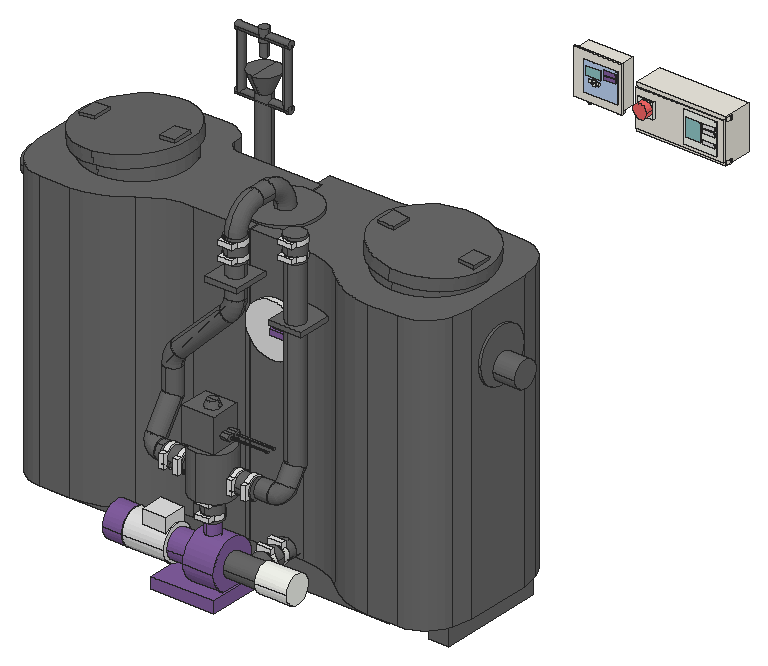
Revit family "93004.02_pvs 0", category Generic Models, Revit 2021
Family settings
  Can host rebar = No
  Round Connector Dimension = Use Diameter
  Part Type = Normal
  Work Plane-Based = No
  Always vertical = Yes
  Cut with Voids When Loaded = No
  Shared = Yes
  Room Calculation Point = No
Parameters (values of type "93004.02_PVS")
  SUPPLIER = "KESSEL"
  SA810ID06 = "4026092065082"
  SA810ID03 = "93004.02/PVS"
  SA71009ID06 = 3000 W
  SA71009ID05 = 3600 W
  SA71009ID04 = 1
  SA700ID17 = 1055 mm
  SA700ID14 = "ohne Angabe"
  SA700ID13 = 70 mm
  SA700ID09 = 1458 mm
  SA700ID08 = 680 mm
  SA700ID07 = 1880 mm
  SA700ID06 = 400
  SA700ID05 = 4
  SA700ID04 = "Grease separator EasyClean free NS 4, Auto Mix & Pump, SonicControl"
  SA500ID03 = "Sludge trap, integrated"
  SA400ID03 = "PE (Polyethylen)"
  SA250ID03 = "temperierte Umhausung"
  SA200ID03 = "free-standing set-up"
  SA100ID04 = "Abscheideranlage für Fette (Schlammfang und Fettabscheider)"
  PROCUREWEBLINK = "https://p.caden.as/kessel/93004.02%2FPVS"
  PROCURELINK = "p.caden.as/kessel/93004.02%2FPVS"
  PROCUREDATALASTUPDATE = "2024-05-22T12:17:53.699610425+01:00"
  PRC_SPECIFICATIONLINK = "https://ausschreiben.de/catalog/kessel/catalogItem/20063d10-651f-4b20-99c9-345524450739"
  NN = "EasyClean, Auto Mix & Pump grease separator"
  NBSYN = "$SA810ID03. $LODLEVEL."
  NB = "93004.02/PVS 0"
  Model = "93004.02/PVS"
  Manufacturer = "KESSEL"
  MIdent = "{$CADENAS_DATA/23d-libs/kessel/kessel_vdi_import/40/abscheideranlage20fuer20fette/easyclean_free_auto_mix_pump.prj},230 {STYP=ASS},{VTYP=3D},{NB=93004.02/PVS 0},{LINA=93004.02/PVS},{NN=EasyClean, Auto Mix & Pump grease separator},{DATE=20.12.2022 10:10:54},{GEOMDATE=17.11.2022 09:57:06},{VERSION=},{LINEID=60},{WBVAR=LODLEVEL},{WBNUMERIC=LODLEVEL}  {NB=93004.02/PVS 0},{LINA=93004.02/PVS},{KT=DUMMY},{PREVIEW=../../bilder/ksb_w_9300402pvs.png},{SA700ID04=Fettabscheider EasyClean free NS 4, Auto Mix & Pump, SonicControl},{SA810ID06=4026092065082},{SA010ID04=KESSEL AG},{SA810ID03=93004.02/PVS},{SA100ID04=Abscheideranlage für Fette (Schlammfang und Fettabscheider)},{SA200ID03=Freiaufstellung},{SA400ID03=PE (Polyethylen)},{SA500ID03=Schlammfang integriert},{SA700ID05=4.00},{SA700ID06=400},{SA71009ID04=1},{SA71009ID05=3.60},{SA71009ID06=3.00},{SA250ID03=temperierte Umhausung},{SA700ID07=1880},{SA700ID09=1458},{SA700ID13=70},{SA700ID17=1055},{SA700ID08=680},{SA810ID10=\\\"Der Abscheider für fetthaltiges Abwasser ist für die freie Aufstellung in frostgeschützten Räumen geeignet und verzichtet auf metallische Bauteile im Behälter. Der Sammelbehälter aus dauerhaft beständigem Kunststoff (PE) ist mit einem integrierten Schlammfang ausgestattet und besitzt ein konisch zulaufendes Bodenteil für eine schnelle und saubere Entsorgung. Zwei geruchsdichte Deckel mit Schnellspannverschlüssen ermöglichen einen einfachen Zugang für Reinigungs- und Wartungsarbeiten.Das innovative Schredder-Mix-System mit integriertem Zerhacker übernimmt die Homogenisierung und Umwälzung des Behälterinhaltes. Die Reinigung und geruchsneutrale Entsorgung erfolgt dabei über eine außenliegende Pumpe mit 2-Wege-Ventil und Stellmotor, die mit einem Absperrschieber vom Behälter getrennt werden kann.Der vollautomatische Programmablauf wird durch ein anwenderfreundliches Schaltgerät mit mehrzeiliger Displayanzeige gesteuert, das über einen potentialfreien Kontakt in die Gebäudeleittechnik eingebunden werden kann. Über eine optional erhältliche Fernbedienung kann die Reinigung und Entsorgung von einer entfernten Stelle aus gestartet werden.Durch das individualisierbare Reinigungsprogramm mit Schnellwahlfunktion kann die Reinigung bedarfsgerecht an die örtlichen Gegebenheiten angepasst werden. Nach der Entsorgung sind nur noch max. 3 Liter Schlammrestvolumen im Behälter vorhanden. Mithilfe einer vollautomatisierten Spülung der Trinkwasserleitungen kann die Einhaltung der Trinkwasser-Hygiene-Verordnung gewährleistet werden.Gewährleistung auf den Werkstoff PE 20 Jahre.Ausführung:Absperreinrichtung: jaEntsorgungsart: automatisches Entsorgungs- und ReinigungssystemEntsorgungseinrichtung: EntsorgungspumpeEntsorgungsvariante: Auto Mix & PumpFülleinrichtung nach DIN 1988: jaNenngröße (NS): 4Schauglas: jaSchredder-Mix-System: jaSonicControl: jaWasserversorgung: 2 Magnetventile 1\\\"\\\"Tragfähigkeit (DIN 19901): F3Lieferumfang: Storz-B-Kupplung R 2 1/2 \\\"\\\" für SaugwagenanschlussEinbausituation: freie AufstellungAllgemeine Merkmale:Material: PENorm: EN 1825: 2004, DIN 4040-100Abmessungen:Aufstellfläche Länge: 2.116 mmAufstellfläche Breite: 842 mmAufstellfläche Höhe: 1.767 mmEinbringmaß Länge: 1.880 mmEinbringmaß Breite: 680 mmEinbringmaß Höhe: 1.458 mmBehälter/Grundkörper:Zulauf Nennweite (DN): 100 mmZulauf Nennweite (DA): 110 mmAuslauf Nennweite (DN): 100Auslauf Nennweite (DA): 110Abstand Rohrsohle Zulauf zu Behälterboden: 1.055 mmAbstand Rohrsohle Auslauf zu Behälterboden: 985 mmAnschluss Zu-/Auslaufstutzen: PE-HD-Rohre nach DIN 19537, HT-Rohre nach DIN 19560, PP oder ASDruckabgang (DA): 75 mmDruckabgang (DN): 65 mmNenndruck (PN): 10Abdeckungsmerkmale:Abdeckungsart: DeckelAbdeckung Material: KunststoffAbdeckung Farbe: violettDichtheit: geruchsdichtVerriegelung: SchnellspannverschlussAbwasserinhalt:Abscheiderinhalt: 400 lGesamtvolumen: 800 lSchlammfanginhalt: 400 lSpeichermenge an Fett: 160 lFördereinrichtung:Pumpe: SPF 300 KE 2.0Anzahl Pumpen: 1Förderhöhe max.: 17 mFörderleistung max.: 60 m3/hBetriebsspannung: 400 VNetzfrequenz: 50 HzBetriebsart: S2 - 30 Min.Leistung P1: 3,6 kWLeistung P2: 3 kWDrehzahl: 2.850 U/minErforderliche Absicherung (Leitungsschutz): Absicherung über Schaltgerät 400 VFörderguttemperatur (dauerhaft) max.: 40 °CAnschlusstyp: DirektanschlussGewicht: 44 kgLaufrad Typ: Radiallaufrad mit ZerhackerLänge Netzanschlussleitung Pumpe: 5 mNennstrom: 6,2 ASchutzart Pumpe: IP 55Schutzklasse: ITyp Anschlussleitung Pumpe: H07RN-F 7G 1,5 mm2Temperaturüberwachung: integriertSteuerung:Schaltgerät: jaBetriebsspannung: 400 VNetzfrequenz: 50 HzSelbstdiagnosesystem (SDS): jaBatteriepufferung: neinMehrzeilige Displayanzeige: jaLogbuchfunktion: jaUSB-Schnittstelle: jaGSM-Schnittstelle: neinPotentialfreier Kontakt: jaErforderliche Absicherung (Leitungsschutz): C 16 AErforderliche Absicherung (RCD): 30 mAMotorschutz Schalter: jaSchutzart Schaltgerät: IP 54\\\"},{SA700ID14=ohne Angabe},{LODLEVEL=0},{CATEGORY3AA=EasyClean free Auto Mix & Pump},{CATEGORY3AB=},{CATEGORY3AC=},{CATEGORY3AD=},{CATEGORY3AE=},{CATEGORY3AF=},{BEZEICHNUNG=},{BREITE=0.0},{TIEFE=MIN},{HOEHE=MIN},{MASSE=MIN},{LOD_=0,'Low'},{LOD_DEU=0,'Low'},{LOD_3DB=93004.02/PVS_0},{DNIN1=100},{DNIN2=10},{DNIN3=10},{DNIN4=10},{DNIN5=10},{DNIN6=10},{DNIN7=MIN},{DNOUT1=100},{DNOUT2=50},{ISD=80},{ISD2=10},{SA960ID03=85},{SA960ID04=3L},{SA960ID08=http://www.kessel.de/info?han=93004.02/PVS},{SA010ID01=010},{SA010ID02=40},{SA010ID06=www.kessel.de},{SA010ID08=4026092000007},{SA100ID01=100},{SA100ID02=1},{SA740ID01=740},{SA200ID01=200},{SA200ID02=1},{SA250ID01=250},{SA250ID02=1},{SA400ID01=400},{SA400ID02=1},{SA500ID01=500},{SA500ID02=1},{SA700ID01=700},{SA700ID02=85},{SA700ID14_=0},{SA71009ID01=710.09},{SA71009ID02=1},{SA71009ID03=SPF 300 KE 2.0},{SA71009ID07=IP55},{SA71009ID08=1},{SA71009ID09=1},{SA71009ID10=60},{SA71009ID11=17},{SA810ID01=810},{SA810ID02=85},{SA810ID04=93004.02/PVS},{SA810ID07=85},{SA810ID14=PCE},{LINK=http://www.kessel.de/info?han=93004.02/PVS},{LINK_=http://www.kessel.de/info?han=93004.02/PVS},{LINK_DEU=http://www.kessel.de/info?han=93004.02/PVS}"
  LINK = "http://www.kessel.de/info?han=93004.02/PVS"
  LINA = "93004.02/PVS"
  Default Elevation = 0 mm
  CREATOR = "CADENAS GmbH"
  CATALOG = "KESSEL"
  BOMINFO = "LINA"
  ARTICLENO = "NB"
Reference planes
  plane 1 "Center (Front/Back)": y = 0
  plane 2: z = 0
  plane 3 "Center (Left/Right)": x = 0
Dimensions and locks
  aligned and locked: level to plane 2
Nested families
  nested 1: "93004.02_pvs 0_content" at (0, 0, 0), type "93004.02_PVS 0_Content"
  nested 2: "93004.02_pvs 0_part1_X0Y0" at (1000, 1000, 1500), type "93004.02_PVS_PART1_X0Y0"
  nested 3: "93004.02_pvs 0_part2_X0Y0" at (600, 1000, 1500), type "93004.02_PVS_PART2_X0Y0"
  nested 4: "93004.02_pvs 0_part3_X0Y0" at (0, 0, 0), type "93004.02_PVS_PART3_X0Y0"
Connectors
  electrical at (859.25, 933.5, 1478)
    settings: on nested 2, index 1, voltage 230 V, apparent load 0 VA, apparent load phase1 0 VA, apparent load phase2 0 VA, apparent load phase3 0 VA, power factor 1, load classification "Other", number of poles 3, system type 31, power factor state 1, is connector primary yes, connector utility no, sub classification motor no, connector description ""
  electrical at (536, 972.5, 1469)
    settings: on nested 3, index 2, voltage 0 V, apparent load 0 VA, apparent load phase1 0 VA, apparent load phase2 0 VA, apparent load phase3 0 VA, power factor 1, load classification "Other", number of poles 1, system type 31, power factor state 1, is connector primary no, connector utility no, sub classification motor no, connector description ""
  piping at (-1087.6, 0, 1113), diameter 100
    settings: on nested 4, index 3, connector inside diameter 609.6 mm, connector length 0 mm, flow factor 0, pipe flow 0.0 L/s, pressure drop 0.0 Pa, fitting loss kfactor 0, connector angle 0.00°, fixture units 0, engagement length 0 mm, angle of deflection 0.00°, flow configuration 0, flow direction 1, fitting loss method 2, system type 8, joint type 0, gender type 0, connector reference index -1, connector utility 0, adjustable connector no, is connector primary yes, connector description ""
  piping at (1034, 0, 1030), diameter 100
    settings: on nested 4, index 4, connector inside diameter 609.6 mm, connector length 0 mm, flow factor 0, pipe flow 0.0 L/s, pressure drop 0.0 Pa, fitting loss kfactor 0, connector angle 0.00°, fixture units 0, engagement length 0 mm, angle of deflection 0.00°, flow configuration 0, flow direction 2, fitting loss method 2, system type 7, joint type 0, gender type 0, connector reference index -1, connector utility 0, adjustable connector no, is connector primary no, connector description ""
  piping at (-305, 275, 1772.9), diameter 10
    settings: on nested 4, index 5, connector inside diameter 609.6 mm, connector length 0 mm, flow factor 0, pipe flow 0.0 L/s, pressure drop 0.0 Pa, fitting loss kfactor 0, connector angle 0.00°, fixture units 0, engagement length 0 mm, angle of deflection 0.00°, flow configuration 0, flow direction 1, fitting loss method 2, system type 8, joint type 0, gender type 0, connector reference index -1, connector utility 0, adjustable connector no, is connector primary no, connector description ""
  piping at (290, -303.5, 1445.5), diameter 50
    settings: on nested 4, index 6, connector inside diameter 609.6 mm, connector length 0 mm, flow factor 0, pipe flow 0.0 L/s, pressure drop 0.0 Pa, fitting loss kfactor 0, connector angle 0.00°, fixture units 0, engagement length 0 mm, angle of deflection 0.00°, flow configuration 0, flow direction 2, fitting loss method 2, system type 7, joint type 0, gender type 0, connector reference index -1, connector utility 0, adjustable connector no, is connector primary no, connector description ""
  electrical at (-212, -383, 248.5)
    settings: on nested 4, index 7, voltage 0 V, apparent load 0 VA, apparent load phase1 0 VA, apparent load phase2 0 VA, apparent load phase3 0 VA, power factor 1, load classification "Other", number of poles 1, system type 31, power factor state 1, is connector primary no, connector utility no, sub classification motor no, connector description ""
Definition of nested family "93004.02_pvs 0_part1_X0Y0"
  Parameters (values of type "93004.02_PVS_PART1_X0Y0")
    SUPPLIER = "KESSEL"
    SA810ID06 = "4026092065082"
    SA810ID03 = "93004.02/PVS"
    SA71009ID06 = 3000 W
    SA71009ID05 = 3600 W
    SA71009ID04 = 1
    SA700ID17 = 1055 mm
    SA700ID14 = "ohne Angabe"
    SA700ID13 = 70 mm
    SA700ID09 = 1458 mm
    SA700ID08 = 680 mm
    SA700ID07 = 1880 mm
    SA700ID06 = 400
    SA700ID05 = 4
    SA700ID04 = "Grease separator EasyClean free NS 4, Auto Mix & Pump, SonicControl"
    SA500ID03 = "Sludge trap, integrated"
    SA400ID03 = "PE (Polyethylen)"
    SA250ID03 = "temperierte Umhausung"
    SA200ID03 = "free-standing set-up"
    SA100ID04 = "Abscheideranlage für Fette (Schlammfang und Fettabscheider)"
    NBSYN = "$SA810ID03. $LODLEVEL._PART1"
    NB = "93004.02/PVS 0_PART1"
    Model = "93004.02/PVS_PART1"
    Manufacturer = "KESSEL"
    MIdent = "{$CADENAS_DATA/23d-libs/kessel/kessel_vdi_import/40/abscheideranlage20fuer20fette/easyclean_free_auto_mix_pump.prj},250 {VTYP=3D},{NB=93004.02/PVS 0_PART1},{LINA=93004.02/PVS_PART1},{NN=EasyClean, Auto Mix & Pump grease separator_PART1},{NOPRJ=TRUE},{DATE=20.12.2022 10:10:54},{GEOMDATE=17.11.2022 09:57:06},{VERSION=},{LINEID=60},{WBVAR=LODLEVEL},{WBNUMERIC=LODLEVEL}  {NB=93004.02/PVS 0_PART1},{LINA=93004.02/PVS_PART1},{KT=DUMMY},{PREVIEW=../../bilder/ksb_w_9300402pvs.png},{SA700ID04=Fettabscheider EasyClean free NS 4, Auto Mix & Pump, SonicControl},{SA810ID06=4026092065082},{SA010ID04=KESSEL AG},{SA810ID03=93004.02/PVS},{SA100ID04=Abscheideranlage für Fette (Schlammfang und Fettabscheider)},{SA200ID03=Freiaufstellung},{SA400ID03=PE (Polyethylen)},{SA500ID03=Schlammfang integriert},{SA700ID05=4.00},{SA700ID06=400},{SA71009ID04=1},{SA71009ID05=3.60},{SA71009ID06=3.00},{SA250ID03=temperierte Umhausung},{SA700ID07=1880},{SA700ID09=1458},{SA700ID13=70},{SA700ID17=1055},{SA700ID08=680},{SA810ID10=\\\"Der Abscheider für fetthaltiges Abwasser ist für die freie Aufstellung in frostgeschützten Räumen geeignet und verzichtet auf metallische Bauteile im Behälter. Der Sammelbehälter aus dauerhaft beständigem Kunststoff (PE) ist mit einem integrierten Schlammfang ausgestattet und besitzt ein konisch zulaufendes Bodenteil für eine schnelle und saubere Entsorgung. Zwei geruchsdichte Deckel mit Schnellspannverschlüssen ermöglichen einen einfachen Zugang für Reinigungs- und Wartungsarbeiten.Das innovative Schredder-Mix-System mit integriertem Zerhacker übernimmt die Homogenisierung und Umwälzung des Behälterinhaltes. Die Reinigung und geruchsneutrale Entsorgung erfolgt dabei über eine außenliegende Pumpe mit 2-Wege-Ventil und Stellmotor, die mit einem Absperrschieber vom Behälter getrennt werden kann.Der vollautomatische Programmablauf wird durch ein anwenderfreundliches Schaltgerät mit mehrzeiliger Displayanzeige gesteuert, das über einen potentialfreien Kontakt in die Gebäudeleittechnik eingebunden werden kann. Über eine optional erhältliche Fernbedienung kann die Reinigung und Entsorgung von einer entfernten Stelle aus gestartet werden.Durch das individualisierbare Reinigungsprogramm mit Schnellwahlfunktion kann die Reinigung bedarfsgerecht an die örtlichen Gegebenheiten angepasst werden. Nach der Entsorgung sind nur noch max. 3 Liter Schlammrestvolumen im Behälter vorhanden. Mithilfe einer vollautomatisierten Spülung der Trinkwasserleitungen kann die Einhaltung der Trinkwasser-Hygiene-Verordnung gewährleistet werden.Gewährleistung auf den Werkstoff PE 20 Jahre.Ausführung:Absperreinrichtung: jaEntsorgungsart: automatisches Entsorgungs- und ReinigungssystemEntsorgungseinrichtung: EntsorgungspumpeEntsorgungsvariante: Auto Mix & PumpFülleinrichtung nach DIN 1988: jaNenngröße (NS): 4Schauglas: jaSchredder-Mix-System: jaSonicControl: jaWasserversorgung: 2 Magnetventile 1\\\"\\\"Tragfähigkeit (DIN 19901): F3Lieferumfang: Storz-B-Kupplung R 2 1/2 \\\"\\\" für SaugwagenanschlussEinbausituation: freie AufstellungAllgemeine Merkmale:Material: PENorm: EN 1825: 2004, DIN 4040-100Abmessungen:Aufstellfläche Länge: 2.116 mmAufstellfläche Breite: 842 mmAufstellfläche Höhe: 1.767 mmEinbringmaß Länge: 1.880 mmEinbringmaß Breite: 680 mmEinbringmaß Höhe: 1.458 mmBehälter/Grundkörper:Zulauf Nennweite (DN): 100 mmZulauf Nennweite (DA): 110 mmAuslauf Nennweite (DN): 100Auslauf Nennweite (DA): 110Abstand Rohrsohle Zulauf zu Behälterboden: 1.055 mmAbstand Rohrsohle Auslauf zu Behälterboden: 985 mmAnschluss Zu-/Auslaufstutzen: PE-HD-Rohre nach DIN 19537, HT-Rohre nach DIN 19560, PP oder ASDruckabgang (DA): 75 mmDruckabgang (DN): 65 mmNenndruck (PN): 10Abdeckungsmerkmale:Abdeckungsart: DeckelAbdeckung Material: KunststoffAbdeckung Farbe: violettDichtheit: geruchsdichtVerriegelung: SchnellspannverschlussAbwasserinhalt:Abscheiderinhalt: 400 lGesamtvolumen: 800 lSchlammfanginhalt: 400 lSpeichermenge an Fett: 160 lFördereinrichtung:Pumpe: SPF 300 KE 2.0Anzahl Pumpen: 1Förderhöhe max.: 17 mFörderleistung max.: 60 m3/hBetriebsspannung: 400 VNetzfrequenz: 50 HzBetriebsart: S2 - 30 Min.Leistung P1: 3,6 kWLeistung P2: 3 kWDrehzahl: 2.850 U/minErforderliche Absicherung (Leitungsschutz): Absicherung über Schaltgerät 400 VFörderguttemperatur (dauerhaft) max.: 40 °CAnschlusstyp: DirektanschlussGewicht: 44 kgLaufrad Typ: Radiallaufrad mit ZerhackerLänge Netzanschlussleitung Pumpe: 5 mNennstrom: 6,2 ASchutzart Pumpe: IP 55Schutzklasse: ITyp Anschlussleitung Pumpe: H07RN-F 7G 1,5 mm2Temperaturüberwachung: integriertSteuerung:Schaltgerät: jaBetriebsspannung: 400 VNetzfrequenz: 50 HzSelbstdiagnosesystem (SDS): jaBatteriepufferung: neinMehrzeilige Displayanzeige: jaLogbuchfunktion: jaUSB-Schnittstelle: jaGSM-Schnittstelle: neinPotentialfreier Kontakt: jaErforderliche Absicherung (Leitungsschutz): C 16 AErforderliche Absicherung (RCD): 30 mAMotorschutz Schalter: jaSchutzart Schaltgerät: IP 54\\\"},{SA700ID14=ohne Angabe},{LODLEVEL=0},{CATEGORY3AA=EasyClean free Auto Mix & Pump},{CATEGORY3AB=},{CATEGORY3AC=},{CATEGORY3AD=},{CATEGORY3AE=},{CATEGORY3AF=},{BEZEICHNUNG=},{BREITE=0.0},{TIEFE=MIN},{HOEHE=MIN},{MASSE=MIN},{LOD_=0,'Low'},{LOD_DEU=0,'Low'},{LOD_3DB=93004.02/PVS_0},{DNIN1=100},{DNIN2=10},{DNIN3=10},{DNIN4=10},{DNIN5=10},{DNIN6=10},{DNIN7=MIN},{DNOUT1=100},{DNOUT2=50},{ISD=80},{ISD2=10},{SA960ID03=85},{SA960ID04=3L},{SA960ID08=http://www.kessel.de/info?han=93004.02/PVS},{SA010ID01=010},{SA010ID02=40},{SA010ID06=www.kessel.de},{SA010ID08=4026092000007},{SA100ID01=100},{SA100ID02=1},{SA740ID01=740},{SA200ID01=200},{SA200ID02=1},{SA250ID01=250},{SA250ID02=1},{SA400ID01=400},{SA400ID02=1},{SA500ID01=500},{SA500ID02=1},{SA700ID01=700},{SA700ID02=85},{SA700ID14_=0},{SA71009ID01=710.09},{SA71009ID02=1},{SA71009ID03=SPF 300 KE 2.0},{SA71009ID07=IP55},{SA71009ID08=1},{SA71009ID09=1},{SA71009ID10=60},{SA71009ID11=17},{SA810ID01=810},{SA810ID02=85},{SA810ID04=93004.02/PVS},{SA810ID07=85},{SA810ID14=PCE},{LINK=http://www.kessel.de/info?han=93004.02/PVS},{LINK_=http://www.kessel.de/info?han=93004.02/PVS},{LINK_DEU=http://www.kessel.de/info?han=93004.02/PVS}"
    LINK = "http://www.kessel.de/info?han=93004.02/PVS"
    LINA = "93004.02/PVS_PART1"
    Default Elevation = 1219.2 mm
    CREATOR = "CADENAS GmbH"
    CATALOG = "KESSEL"
    BOMINFO = "LINA"
    ARTICLENO = "NB"
  Reference planes
    plane 1 "Center (Front/Back)": y = 0
    plane 2: z = 0
    plane 3 "Center (Left/Right)": x = 0
  Dimensions and locks
    aligned and locked: level to plane 2
  Nested families
    nested 1: "93004.02_pvs 0_part1_content" at (0, 0, 0), type "93004.02_PVS 0_PART1_Content"
  Definition of nested family "93004.02_pvs 0_part1_content"
    Parameters (values of type "93004.02_PVS 0_PART1_Content")
      SUPPLIER = "KESSEL"
      SA810ID06 = "4026092065082"
      SA810ID03 = "93004.02/PVS"
      SA71009ID06 = 3000 W
      SA71009ID05 = 3600 W
      SA71009ID04 = 1
      SA700ID17 = 1055 mm
      SA700ID14 = "ohne Angabe"
      SA700ID13 = 70 mm
      SA700ID09 = 1458 mm
      SA700ID08 = 680 mm
      SA700ID07 = 1880 mm
      SA700ID06 = 400
      SA700ID05 = 4
      SA700ID04 = "Grease separator EasyClean free NS 4, Auto Mix & Pump, SonicControl"
      SA500ID03 = "Sludge trap, integrated"
      SA400ID03 = "PE (Polyethylen)"
      SA250ID03 = "temperierte Umhausung"
      SA200ID03 = "free-standing set-up"
      SA100ID04 = "Abscheideranlage für Fette (Schlammfang und Fettabscheider)"
      NBSYN = "$SA810ID03. $LODLEVEL._PART1"
      NB = "93004.02/PVS 0_PART1"
      Model = "93004.02/PVS_PART1"
      Manufacturer = "KESSEL"
      LINK = "http://www.kessel.de/info?han=93004.02/PVS"
      LINA = "93004.02/PVS_PART1"
      Default Elevation = 1219.2 mm
      CREATOR = "CADENAS GmbH"
      CATALOG = "KESSEL"
      BOMINFO = "LINA"
      ARTICLENO = "NB"
    Reference planes
      plane 1 "Center (Front/Back)": y = 0
      plane 2: z = 0
      plane 3 "Center (Left/Right)": x = 0
    Forms (mm)
      Extrusion 1, solid, detail levels medium+fine
        sketch origin (190.25, 0, 0) x (0, -1, 0) y (0, 0, 1)
          loop
            line (0, 188) -> (0, 0) -> (122.5, 0) -> (122.5, 188) -> (0, 188)
        from 0 to 380.5
      Extrusion 2, solid, detail levels medium+fine
        sketch origin (186.25, -122.5, 14) x (0, -1, 0) y (0, 0, 1)
          loop
            line (0, 160) -> (0, 0) -> (5, 0) -> (5, 160) -> (0, 160)
        from 0 to 376.5
      Extrusion 3, solid, detail levels medium+fine
        sketch origin (156.25, -127.5, 24.5) x (0, -1, 0) y (0, 0, 1)
          loop
            line (-1.4, 0) -> (0.2, 0) -> (0.2, 135) -> (-1.4, 135) -> (-1.4, 0)
        from 0 to 140
      Extrusion 4, solid, detail levels medium+fine
        sketch origin (88.75, -127.7, 53.5) x (0, -1, 0) y (0, 0, 1)
          loop
            line (-1.5, 79) -> (-1.5, 0) -> (0.1, 0) -> (0.1, 79) -> (-1.5, 79)
        from 0 to 65
      Extrusion 5, solid, detail levels medium+fine
        sketch origin (148.75, -127.7, 95.5) x (0, -1, 0) y (0, 0, 1)
          loop
            line (-1.5, 16) -> (-1.5, 0) -> (0.1, 0) -> (0.1, 16) -> (-1.5, 16)
        from 0 to 51
      Extrusion 6, solid, detail levels medium+fine
        sketch origin (148.75, -127.7, 53.5) x (0, -1, 0) y (0, 0, 1)
          loop
            line (-1.5, 16) -> (-1.5, 0) -> (0.1, 0) -> (0.1, 16) -> (-1.5, 16)
        from 0 to 51
      Extrusion 7, solid, detail levels medium+fine
        sketch origin (148.75, -127.7, 116.5) x (0, -1, 0) y (0, 0, 1)
          loop
            line (-1.5, 16) -> (-1.5, 0) -> (0.1, 0) -> (0.1, 16) -> (-1.5, 16)
        from 0 to 51
      Extrusion 8, solid, detail levels medium+fine
        sketch origin (9.25, -66.5, 1.5) x (0.866025, 0.5, 0) y (0.5, -0.866025, 0)
          loop
            circle (0, 0) r 10
        from 0 to 2.5
      Extrusion 9, solid, detail levels medium+fine
        sketch origin (-20.75, -66.5, 1.5) x (0.866025, 0.5, 0) y (0.5, -0.866025, 0)
          loop
            circle (0, 0) r 10
        from 0 to 2.5
      Extrusion 10, solid, detail levels medium+fine
        sketch origin (39.25, -66.5, 1.5) x (0.866025, 0.5, 0) y (0.5, -0.866025, 0)
          loop
            circle (0, 0) r 10
        from 0 to 2.5
      Extrusion 11, solid, detail levels medium+fine
        sketch origin (-50.75, -66.5, 1.5) x (0.866025, 0.5, 0) y (0.5, -0.866025, 0)
          loop
            circle (0, 0) r 10
        from 0 to 2.5
      Extrusion 12, solid, detail levels medium+fine
        sketch origin (69.25, -66.5, 1.5) x (0.866025, 0.5, 0) y (0.5, -0.866025, 0)
          loop
            circle (0, 0) r 10
        from 0 to 2.5
      Extrusion 13, solid, detail levels medium+fine
        sketch origin (99.25, -66.5, 1.5) x (0.866025, 0.5, 0) y (0.5, -0.866025, 0)
          loop
            circle (0, 0) r 10
        from 0 to 2.5
      Extrusion 14, solid, detail levels medium+fine
        sketch origin (-95.75, -66.5, 0) x (0.866025, 0.5, 0) y (0.5, -0.866025, 0)
          loop
            line (0, 17.321) -> (-15, 8.66) -> (-15, -8.66) -> (0, -17.321) -> (15, -8.66) -> (15, 8.66) -> (0, 17.321)
        from 0 to 22
      Extrusion 15, solid, detail levels medium+fine
        sketch origin (-140.75, -66.5, 0) x (0.866025, 0.5, 0) y (0.5, -0.866025, 0)
          loop
            line (0, 17.321) -> (-15, 8.66) -> (-15, -8.66) -> (0, -17.321) -> (15, -8.66) -> (15, 8.66) -> (0, 17.321)
        from 0 to 22
      Extrusion 16, solid, detail levels medium+fine
        sketch origin (-110.25, -127.5, 76.5) x (0, -1, 0) y (0, 0, 1)
          loop
            line (0, 67) -> (0, 0) -> (7, 0) -> (7, 67) -> (0, 67)
        from 0 to 67
      Extrusion 17, solid, detail levels medium+fine
        sketch origin (-143.75, -134.5, 110) x (1, 0, 0) y (0, 0, 1)
          loop
            circle (0, 0) r 29.5
        from 0 to 29
      Extrusion 18, solid, detail levels medium+fine
        sketch origin (129.25, -66.5, 1.5) x (0.866025, 0.5, 0) y (0.5, -0.866025, 0)
          loop
            circle (0, 0) r 10
        from 0 to 2.5
      Extrusion 19, solid, detail levels medium+fine
        sketch origin (-179.25, 0, 177) x (-1, 0, 0) y (0, 0, 1)
          loop
            circle (0, 0) r 7.5
        from 0 to 2
      Extrusion 20, solid, detail levels medium+fine
        sketch origin (-179.25, 0, 11) x (-1, 0, 0) y (0, 0, 1)
          loop
            circle (0, 0) r 7.5
        from 0 to 2
      Extrusion 21, solid, detail levels medium+fine
        sketch origin (179.25, 0, 11) x (-1, 0, 0) y (0, 0, 1)
          loop
            circle (0, 0) r 7.5
        from 0 to 2
      Extrusion 22, solid, detail levels medium+fine
        sketch origin (179.25, 0, 177) x (-1, 0, 0) y (0, 0, 1)
          loop
            circle (0, 0) r 7.5
        from 0 to 2
      Extrusion 23, solid, detail levels medium+fine
        sketch origin (194.75, -100.5, 170) x (-1, 0, 0) y (0, -1, 0)
          loop
            circle (0, 0) r 5
        from 0 to 14
      Extrusion 24, solid, detail levels medium+fine
        sketch origin (190.25, -100.5, 170) x (0, -1, 0) y (1, 0, 0)
          loop
            line (0, 9.5) -> (0, 0) -> (20, 0) -> (0, 9.5)
        from 0 to 14
      Extrusion 25, solid, detail levels medium+fine
        sketch origin (194.75, -100.5, 4) x (-1, 0, 0) y (0, -1, 0)
          loop
            circle (0, 0) r 5
        from 0 to 14
      Extrusion 26, solid, detail levels medium+fine
        sketch origin (190.25, -100.5, 4) x (0, -1, 0) y (1, 0, 0)
          loop
            line (0, 9.5) -> (0, 0) -> (20, 0) -> (0, 9.5)
        from 0 to 14
      Extrusion 27, solid, detail levels coarse
        sketch origin (4.75, -80.75, -22) x (1, 0, 0) y (0, 1, 0)
          loop
            line (-195, -82.75) -> (195, -82.75) -> (195, 82.75) -> (-195, 82.75) -> (-195, -82.75)
        from 0 to 210
    Dimensions and locks
      aligned and locked: level to plane 2
Definition of nested family "93004.02_pvs 0_part2_X0Y0"
  Parameters (values of type "93004.02_PVS_PART2_X0Y0")
    SUPPLIER = "KESSEL"
    SA810ID06 = "4026092065082"
    SA810ID03 = "93004.02/PVS"
    SA71009ID06 = 3000 W
    SA71009ID05 = 3600 W
    SA71009ID04 = 1
    SA700ID17 = 1055 mm
    SA700ID14 = "ohne Angabe"
    SA700ID13 = 70 mm
    SA700ID09 = 1458 mm
    SA700ID08 = 680 mm
    SA700ID07 = 1880 mm
    SA700ID06 = 400
    SA700ID05 = 4
    SA700ID04 = "Grease separator EasyClean free NS 4, Auto Mix & Pump, SonicControl"
    SA500ID03 = "Sludge trap, integrated"
    SA400ID03 = "PE (Polyethylen)"
    SA250ID03 = "temperierte Umhausung"
    SA200ID03 = "free-standing set-up"
    SA100ID04 = "Abscheideranlage für Fette (Schlammfang und Fettabscheider)"
    NBSYN = "$SA810ID03. $LODLEVEL._PART2"
    NB = "93004.02/PVS 0_PART2"
    Model = "93004.02/PVS_PART2"
    Manufacturer = "KESSEL"
    MIdent = "{$CADENAS_DATA/23d-libs/kessel/kessel_vdi_import/40/abscheideranlage20fuer20fette/easyclean_free_auto_mix_pump.prj},250 {VTYP=3D},{NB=93004.02/PVS 0_PART2},{LINA=93004.02/PVS_PART2},{NN=EasyClean, Auto Mix & Pump grease separator_PART2},{NOPRJ=TRUE},{DATE=20.12.2022 10:10:54},{GEOMDATE=17.11.2022 09:57:06},{VERSION=},{LINEID=60},{WBVAR=LODLEVEL},{WBNUMERIC=LODLEVEL}  {NB=93004.02/PVS 0_PART2},{LINA=93004.02/PVS_PART2},{KT=DUMMY},{PREVIEW=../../bilder/ksb_w_9300402pvs.png},{SA700ID04=Fettabscheider EasyClean free NS 4, Auto Mix & Pump, SonicControl},{SA810ID06=4026092065082},{SA010ID04=KESSEL AG},{SA810ID03=93004.02/PVS},{SA100ID04=Abscheideranlage für Fette (Schlammfang und Fettabscheider)},{SA200ID03=Freiaufstellung},{SA400ID03=PE (Polyethylen)},{SA500ID03=Schlammfang integriert},{SA700ID05=4.00},{SA700ID06=400},{SA71009ID04=1},{SA71009ID05=3.60},{SA71009ID06=3.00},{SA250ID03=temperierte Umhausung},{SA700ID07=1880},{SA700ID09=1458},{SA700ID13=70},{SA700ID17=1055},{SA700ID08=680},{SA810ID10=\\\"Der Abscheider für fetthaltiges Abwasser ist für die freie Aufstellung in frostgeschützten Räumen geeignet und verzichtet auf metallische Bauteile im Behälter. Der Sammelbehälter aus dauerhaft beständigem Kunststoff (PE) ist mit einem integrierten Schlammfang ausgestattet und besitzt ein konisch zulaufendes Bodenteil für eine schnelle und saubere Entsorgung. Zwei geruchsdichte Deckel mit Schnellspannverschlüssen ermöglichen einen einfachen Zugang für Reinigungs- und Wartungsarbeiten.Das innovative Schredder-Mix-System mit integriertem Zerhacker übernimmt die Homogenisierung und Umwälzung des Behälterinhaltes. Die Reinigung und geruchsneutrale Entsorgung erfolgt dabei über eine außenliegende Pumpe mit 2-Wege-Ventil und Stellmotor, die mit einem Absperrschieber vom Behälter getrennt werden kann.Der vollautomatische Programmablauf wird durch ein anwenderfreundliches Schaltgerät mit mehrzeiliger Displayanzeige gesteuert, das über einen potentialfreien Kontakt in die Gebäudeleittechnik eingebunden werden kann. Über eine optional erhältliche Fernbedienung kann die Reinigung und Entsorgung von einer entfernten Stelle aus gestartet werden.Durch das individualisierbare Reinigungsprogramm mit Schnellwahlfunktion kann die Reinigung bedarfsgerecht an die örtlichen Gegebenheiten angepasst werden. Nach der Entsorgung sind nur noch max. 3 Liter Schlammrestvolumen im Behälter vorhanden. Mithilfe einer vollautomatisierten Spülung der Trinkwasserleitungen kann die Einhaltung der Trinkwasser-Hygiene-Verordnung gewährleistet werden.Gewährleistung auf den Werkstoff PE 20 Jahre.Ausführung:Absperreinrichtung: jaEntsorgungsart: automatisches Entsorgungs- und ReinigungssystemEntsorgungseinrichtung: EntsorgungspumpeEntsorgungsvariante: Auto Mix & PumpFülleinrichtung nach DIN 1988: jaNenngröße (NS): 4Schauglas: jaSchredder-Mix-System: jaSonicControl: jaWasserversorgung: 2 Magnetventile 1\\\"\\\"Tragfähigkeit (DIN 19901): F3Lieferumfang: Storz-B-Kupplung R 2 1/2 \\\"\\\" für SaugwagenanschlussEinbausituation: freie AufstellungAllgemeine Merkmale:Material: PENorm: EN 1825: 2004, DIN 4040-100Abmessungen:Aufstellfläche Länge: 2.116 mmAufstellfläche Breite: 842 mmAufstellfläche Höhe: 1.767 mmEinbringmaß Länge: 1.880 mmEinbringmaß Breite: 680 mmEinbringmaß Höhe: 1.458 mmBehälter/Grundkörper:Zulauf Nennweite (DN): 100 mmZulauf Nennweite (DA): 110 mmAuslauf Nennweite (DN): 100Auslauf Nennweite (DA): 110Abstand Rohrsohle Zulauf zu Behälterboden: 1.055 mmAbstand Rohrsohle Auslauf zu Behälterboden: 985 mmAnschluss Zu-/Auslaufstutzen: PE-HD-Rohre nach DIN 19537, HT-Rohre nach DIN 19560, PP oder ASDruckabgang (DA): 75 mmDruckabgang (DN): 65 mmNenndruck (PN): 10Abdeckungsmerkmale:Abdeckungsart: DeckelAbdeckung Material: KunststoffAbdeckung Farbe: violettDichtheit: geruchsdichtVerriegelung: SchnellspannverschlussAbwasserinhalt:Abscheiderinhalt: 400 lGesamtvolumen: 800 lSchlammfanginhalt: 400 lSpeichermenge an Fett: 160 lFördereinrichtung:Pumpe: SPF 300 KE 2.0Anzahl Pumpen: 1Förderhöhe max.: 17 mFörderleistung max.: 60 m3/hBetriebsspannung: 400 VNetzfrequenz: 50 HzBetriebsart: S2 - 30 Min.Leistung P1: 3,6 kWLeistung P2: 3 kWDrehzahl: 2.850 U/minErforderliche Absicherung (Leitungsschutz): Absicherung über Schaltgerät 400 VFörderguttemperatur (dauerhaft) max.: 40 °CAnschlusstyp: DirektanschlussGewicht: 44 kgLaufrad Typ: Radiallaufrad mit ZerhackerLänge Netzanschlussleitung Pumpe: 5 mNennstrom: 6,2 ASchutzart Pumpe: IP 55Schutzklasse: ITyp Anschlussleitung Pumpe: H07RN-F 7G 1,5 mm2Temperaturüberwachung: integriertSteuerung:Schaltgerät: jaBetriebsspannung: 400 VNetzfrequenz: 50 HzSelbstdiagnosesystem (SDS): jaBatteriepufferung: neinMehrzeilige Displayanzeige: jaLogbuchfunktion: jaUSB-Schnittstelle: jaGSM-Schnittstelle: neinPotentialfreier Kontakt: jaErforderliche Absicherung (Leitungsschutz): C 16 AErforderliche Absicherung (RCD): 30 mAMotorschutz Schalter: jaSchutzart Schaltgerät: IP 54\\\"},{SA700ID14=ohne Angabe},{LODLEVEL=0},{CATEGORY3AA=EasyClean free Auto Mix & Pump},{CATEGORY3AB=},{CATEGORY3AC=},{CATEGORY3AD=},{CATEGORY3AE=},{CATEGORY3AF=},{BEZEICHNUNG=},{BREITE=0.0},{TIEFE=MIN},{HOEHE=MIN},{MASSE=MIN},{LOD_=0,'Low'},{LOD_DEU=0,'Low'},{LOD_3DB=93004.02/PVS_0},{DNIN1=100},{DNIN2=10},{DNIN3=10},{DNIN4=10},{DNIN5=10},{DNIN6=10},{DNIN7=MIN},{DNOUT1=100},{DNOUT2=50},{ISD=80},{ISD2=10},{SA960ID03=85},{SA960ID04=3L},{SA960ID08=http://www.kessel.de/info?han=93004.02/PVS},{SA010ID01=010},{SA010ID02=40},{SA010ID06=www.kessel.de},{SA010ID08=4026092000007},{SA100ID01=100},{SA100ID02=1},{SA740ID01=740},{SA200ID01=200},{SA200ID02=1},{SA250ID01=250},{SA250ID02=1},{SA400ID01=400},{SA400ID02=1},{SA500ID01=500},{SA500ID02=1},{SA700ID01=700},{SA700ID02=85},{SA700ID14_=0},{SA71009ID01=710.09},{SA71009ID02=1},{SA71009ID03=SPF 300 KE 2.0},{SA71009ID07=IP55},{SA71009ID08=1},{SA71009ID09=1},{SA71009ID10=60},{SA71009ID11=17},{SA810ID01=810},{SA810ID02=85},{SA810ID04=93004.02/PVS},{SA810ID07=85},{SA810ID14=PCE},{LINK=http://www.kessel.de/info?han=93004.02/PVS},{LINK_=http://www.kessel.de/info?han=93004.02/PVS},{LINK_DEU=http://www.kessel.de/info?han=93004.02/PVS}"
    LINK = "http://www.kessel.de/info?han=93004.02/PVS"
    LINA = "93004.02/PVS_PART2"
    Default Elevation = 1219.2 mm
    CREATOR = "CADENAS GmbH"
    CATALOG = "KESSEL"
    BOMINFO = "LINA"
    ARTICLENO = "NB"
  Reference planes
    plane 1 "Center (Front/Back)": y = 0
    plane 2: z = 0
    plane 3 "Center (Left/Right)": x = 0
  Dimensions and locks
    aligned and locked: level to plane 2
  Nested families
    nested 1: "93004.02_pvs 0_part2_content" at (0, 0, 0), type "93004.02_PVS 0_PART2_Content"
  Definition of nested family "93004.02_pvs 0_part2_content"
    Parameters (values of type "93004.02_PVS 0_PART2_Content")
      SUPPLIER = "KESSEL"
      SA810ID06 = "4026092065082"
      SA810ID03 = "93004.02/PVS"
      SA71009ID06 = 3000 W
      SA71009ID05 = 3600 W
      SA71009ID04 = 1
      SA700ID17 = 1055 mm
      SA700ID14 = "ohne Angabe"
      SA700ID13 = 70 mm
      SA700ID09 = 1458 mm
      SA700ID08 = 680 mm
      SA700ID07 = 1880 mm
      SA700ID06 = 400
      SA700ID05 = 4
      SA700ID04 = "Grease separator EasyClean free NS 4, Auto Mix & Pump, SonicControl"
      SA500ID03 = "Sludge trap, integrated"
      SA400ID03 = "PE (Polyethylen)"
      SA250ID03 = "temperierte Umhausung"
      SA200ID03 = "free-standing set-up"
      SA100ID04 = "Abscheideranlage für Fette (Schlammfang und Fettabscheider)"
      NBSYN = "$SA810ID03. $LODLEVEL._PART2"
      NB = "93004.02/PVS 0_PART2"
      Model = "93004.02/PVS_PART2"
      Manufacturer = "KESSEL"
      LINK = "http://www.kessel.de/info?han=93004.02/PVS"
      LINA = "93004.02/PVS_PART2"
      Default Elevation = 1219.2 mm
      CREATOR = "CADENAS GmbH"
      CATALOG = "KESSEL"
      BOMINFO = "LINA"
      ARTICLENO = "NB"
    Reference planes
      plane 1 "Center (Front/Back)": y = 0
      plane 2: z = 0
      plane 3 "Center (Left/Right)": x = 0
    Forms (mm)
      Extrusion 1, solid, detail levels medium+fine
        sketch origin (94, 0, 5) x (0, -1, 0) y (0, 0, 1)
          loop
            line (0, 184) -> (0, 0) -> (64.5, 0) -> (64.5, 184) -> (0, 184)
        from 0 to 188
      Extrusion 2, solid, detail levels medium+fine
        sketch origin (104, -64.5, 0) x (0, -1, 0) y (0, 0, 1)
          loop
            line (0, 194) -> (0, 0) -> (3.5, 0) -> (3.5, 194) -> (0, 194)
        from 0 to 208
      Extrusion 3, solid, detail levels medium+fine
        sketch origin (86.3, -68, 33.2) x (0, -1, 0) y (0, 0, 1)
          loop
            line (-0.5, 127) -> (-0.5, 0) -> (1, 0) -> (1, 127) -> (-0.5, 127)
        from 0 to 146
      Extrusion 4, solid, detail levels medium+fine
        sketch origin (6.8, -69, 77.2) x (0, -1, 0) y (0, 0, 1)
          loop
            line (-0.5, 12) -> (-0.5, 0) -> (1, 0) -> (1, 12) -> (-0.5, 12)
        from 0 to 12
      Extrusion 5, solid, detail levels medium+fine
        sketch origin (-9.7, -69, 85.45) x (0, -1, 0) y (0, 0, 1)
          loop
            line (-0.5, 12) -> (-0.5, 0) -> (1, 0) -> (1, 12) -> (-0.5, 12)
        from 0 to 12
      Extrusion 6, solid, detail levels medium+fine
        sketch origin (-9.7, -69, 68.95) x (0, -1, 0) y (0, 0, 1)
          loop
            line (-0.5, 12) -> (-0.5, 0) -> (1, 0) -> (1, 12) -> (-0.5, 12)
        from 0 to 12
      Extrusion 7, solid, detail levels medium+fine
        sketch origin (13.3, -69, 100.45) x (0, -1, 0) y (0, 0, 1)
          loop
            line (-0.5, 37) -> (-0.5, 0) -> (1, 0) -> (1, 37) -> (-0.5, 37)
        from 0 to 65
      Extrusion 8, solid, detail levels medium+fine
        sketch origin (78.8, -69, 110.7) x (0, -1, 0) y (0, 0, 1)
          loop
            line (-0.5, 16) -> (-0.5, 0) -> (1, 0) -> (1, 16) -> (-0.5, 16)
        from 0 to 51
      Extrusion 9, solid, detail levels medium+fine
        sketch origin (-26.2, -69, 77.2) x (0, -1, 0) y (0, 0, 1)
          loop
            line (-0.5, 12) -> (-0.5, 0) -> (1, 0) -> (1, 12) -> (-0.5, 12)
        from 0 to 12
      Extrusion 10, solid, detail levels medium+fine
        sketch origin (78.75, -69, 130.75) x (0, -1, 0) y (0, 0, 1)
          loop
            line (-0.5, 16) -> (-0.5, 0) -> (1, 0) -> (1, 16) -> (-0.5, 16)
        from 0 to 51
      Extrusion 11, solid, detail levels medium+fine
        sketch origin (-64, -27.5, 5) x (1, 0, 0) y (0, -1, 0)
          loop
            circle (0, 0) r 12
        from 0 to 26
      Extrusion 12, solid, detail levels medium+fine
        sketch origin (-64, -27.5, -21) x (1, 0, 0) y (0, -1, 0)
          loop
            circle (0, 0) r 5
        from 0 to 10
      Extrusion 13, solid, detail levels medium+fine
        sketch origin (67, -27.5, 5) x (1, 0, 0) y (0, -1, 0)
          loop
            circle (0, 0) r 12
        from 0 to 26
      Extrusion 14, solid, detail levels coarse
        sketch origin (0, -35, -31) x (1, 0, 0) y (0, 1, 0)
          loop
            line (-104, -35) -> (104, -35) -> (104, 35) -> (-104, 35) -> (-104, -35)
        from 0 to 225
    Dimensions and locks
      aligned and locked: level to plane 2
Definition of nested family "93004.02_pvs 0_part3_X0Y0"
  Parameters (values of type "93004.02_PVS_PART3_X0Y0")
    SUPPLIER = "KESSEL"
    SA810ID06 = "4026092065082"
    SA810ID03 = "93004.02/PVS"
    SA71009ID06 = 3000 W
    SA71009ID05 = 3600 W
    SA71009ID04 = 1
    SA700ID17 = 1055 mm
    SA700ID14 = "ohne Angabe"
    SA700ID13 = 70 mm
    SA700ID09 = 1458 mm
    SA700ID08 = 680 mm
    SA700ID07 = 1880 mm
    SA700ID06 = 400
    SA700ID05 = 4
    SA700ID04 = "Grease separator EasyClean free NS 4, Auto Mix & Pump, SonicControl"
    SA500ID03 = "Sludge trap, integrated"
    SA400ID03 = "PE (Polyethylen)"
    SA250ID03 = "temperierte Umhausung"
    SA200ID03 = "free-standing set-up"
    SA100ID04 = "Abscheideranlage für Fette (Schlammfang und Fettabscheider)"
    NBSYN = "$SA810ID03. $LODLEVEL._PART3"
    NB = "93004.02/PVS 0_PART3"
    Model = "93004.02/PVS_PART3"
    Manufacturer = "KESSEL"
    MIdent = "{$CADENAS_DATA/23d-libs/kessel/kessel_vdi_import/40/abscheideranlage20fuer20fette/easyclean_free_auto_mix_pump.prj},250 {VTYP=3D},{NB=93004.02/PVS 0_PART3},{LINA=93004.02/PVS_PART3},{NN=EasyClean, Auto Mix & Pump grease separator_PART3},{NOPRJ=TRUE},{DATE=20.12.2022 10:10:54},{GEOMDATE=17.11.2022 09:57:06},{VERSION=},{LINEID=60},{WBVAR=LODLEVEL},{WBNUMERIC=LODLEVEL}  {NB=93004.02/PVS 0_PART3},{LINA=93004.02/PVS_PART3},{KT=DUMMY},{PREVIEW=../../bilder/ksb_w_9300402pvs.png},{SA700ID04=Fettabscheider EasyClean free NS 4, Auto Mix & Pump, SonicControl},{SA810ID06=4026092065082},{SA010ID04=KESSEL AG},{SA810ID03=93004.02/PVS},{SA100ID04=Abscheideranlage für Fette (Schlammfang und Fettabscheider)},{SA200ID03=Freiaufstellung},{SA400ID03=PE (Polyethylen)},{SA500ID03=Schlammfang integriert},{SA700ID05=4.00},{SA700ID06=400},{SA71009ID04=1},{SA71009ID05=3.60},{SA71009ID06=3.00},{SA250ID03=temperierte Umhausung},{SA700ID07=1880},{SA700ID09=1458},{SA700ID13=70},{SA700ID17=1055},{SA700ID08=680},{SA810ID10=\\\"Der Abscheider für fetthaltiges Abwasser ist für die freie Aufstellung in frostgeschützten Räumen geeignet und verzichtet auf metallische Bauteile im Behälter. Der Sammelbehälter aus dauerhaft beständigem Kunststoff (PE) ist mit einem integrierten Schlammfang ausgestattet und besitzt ein konisch zulaufendes Bodenteil für eine schnelle und saubere Entsorgung. Zwei geruchsdichte Deckel mit Schnellspannverschlüssen ermöglichen einen einfachen Zugang für Reinigungs- und Wartungsarbeiten.Das innovative Schredder-Mix-System mit integriertem Zerhacker übernimmt die Homogenisierung und Umwälzung des Behälterinhaltes. Die Reinigung und geruchsneutrale Entsorgung erfolgt dabei über eine außenliegende Pumpe mit 2-Wege-Ventil und Stellmotor, die mit einem Absperrschieber vom Behälter getrennt werden kann.Der vollautomatische Programmablauf wird durch ein anwenderfreundliches Schaltgerät mit mehrzeiliger Displayanzeige gesteuert, das über einen potentialfreien Kontakt in die Gebäudeleittechnik eingebunden werden kann. Über eine optional erhältliche Fernbedienung kann die Reinigung und Entsorgung von einer entfernten Stelle aus gestartet werden.Durch das individualisierbare Reinigungsprogramm mit Schnellwahlfunktion kann die Reinigung bedarfsgerecht an die örtlichen Gegebenheiten angepasst werden. Nach der Entsorgung sind nur noch max. 3 Liter Schlammrestvolumen im Behälter vorhanden. Mithilfe einer vollautomatisierten Spülung der Trinkwasserleitungen kann die Einhaltung der Trinkwasser-Hygiene-Verordnung gewährleistet werden.Gewährleistung auf den Werkstoff PE 20 Jahre.Ausführung:Absperreinrichtung: jaEntsorgungsart: automatisches Entsorgungs- und ReinigungssystemEntsorgungseinrichtung: EntsorgungspumpeEntsorgungsvariante: Auto Mix & PumpFülleinrichtung nach DIN 1988: jaNenngröße (NS): 4Schauglas: jaSchredder-Mix-System: jaSonicControl: jaWasserversorgung: 2 Magnetventile 1\\\"\\\"Tragfähigkeit (DIN 19901): F3Lieferumfang: Storz-B-Kupplung R 2 1/2 \\\"\\\" für SaugwagenanschlussEinbausituation: freie AufstellungAllgemeine Merkmale:Material: PENorm: EN 1825: 2004, DIN 4040-100Abmessungen:Aufstellfläche Länge: 2.116 mmAufstellfläche Breite: 842 mmAufstellfläche Höhe: 1.767 mmEinbringmaß Länge: 1.880 mmEinbringmaß Breite: 680 mmEinbringmaß Höhe: 1.458 mmBehälter/Grundkörper:Zulauf Nennweite (DN): 100 mmZulauf Nennweite (DA): 110 mmAuslauf Nennweite (DN): 100Auslauf Nennweite (DA): 110Abstand Rohrsohle Zulauf zu Behälterboden: 1.055 mmAbstand Rohrsohle Auslauf zu Behälterboden: 985 mmAnschluss Zu-/Auslaufstutzen: PE-HD-Rohre nach DIN 19537, HT-Rohre nach DIN 19560, PP oder ASDruckabgang (DA): 75 mmDruckabgang (DN): 65 mmNenndruck (PN): 10Abdeckungsmerkmale:Abdeckungsart: DeckelAbdeckung Material: KunststoffAbdeckung Farbe: violettDichtheit: geruchsdichtVerriegelung: SchnellspannverschlussAbwasserinhalt:Abscheiderinhalt: 400 lGesamtvolumen: 800 lSchlammfanginhalt: 400 lSpeichermenge an Fett: 160 lFördereinrichtung:Pumpe: SPF 300 KE 2.0Anzahl Pumpen: 1Förderhöhe max.: 17 mFörderleistung max.: 60 m3/hBetriebsspannung: 400 VNetzfrequenz: 50 HzBetriebsart: S2 - 30 Min.Leistung P1: 3,6 kWLeistung P2: 3 kWDrehzahl: 2.850 U/minErforderliche Absicherung (Leitungsschutz): Absicherung über Schaltgerät 400 VFörderguttemperatur (dauerhaft) max.: 40 °CAnschlusstyp: DirektanschlussGewicht: 44 kgLaufrad Typ: Radiallaufrad mit ZerhackerLänge Netzanschlussleitung Pumpe: 5 mNennstrom: 6,2 ASchutzart Pumpe: IP 55Schutzklasse: ITyp Anschlussleitung Pumpe: H07RN-F 7G 1,5 mm2Temperaturüberwachung: integriertSteuerung:Schaltgerät: jaBetriebsspannung: 400 VNetzfrequenz: 50 HzSelbstdiagnosesystem (SDS): jaBatteriepufferung: neinMehrzeilige Displayanzeige: jaLogbuchfunktion: jaUSB-Schnittstelle: jaGSM-Schnittstelle: neinPotentialfreier Kontakt: jaErforderliche Absicherung (Leitungsschutz): C 16 AErforderliche Absicherung (RCD): 30 mAMotorschutz Schalter: jaSchutzart Schaltgerät: IP 54\\\"},{SA700ID14=ohne Angabe},{LODLEVEL=0},{CATEGORY3AA=EasyClean free Auto Mix & Pump},{CATEGORY3AB=},{CATEGORY3AC=},{CATEGORY3AD=},{CATEGORY3AE=},{CATEGORY3AF=},{BEZEICHNUNG=},{BREITE=0.0},{TIEFE=MIN},{HOEHE=MIN},{MASSE=MIN},{LOD_=0,'Low'},{LOD_DEU=0,'Low'},{LOD_3DB=93004.02/PVS_0},{DNIN1=100},{DNIN2=10},{DNIN3=10},{DNIN4=10},{DNIN5=10},{DNIN6=10},{DNIN7=MIN},{DNOUT1=100},{DNOUT2=50},{ISD=80},{ISD2=10},{SA960ID03=85},{SA960ID04=3L},{SA960ID08=http://www.kessel.de/info?han=93004.02/PVS},{SA010ID01=010},{SA010ID02=40},{SA010ID06=www.kessel.de},{SA010ID08=4026092000007},{SA100ID01=100},{SA100ID02=1},{SA740ID01=740},{SA200ID01=200},{SA200ID02=1},{SA250ID01=250},{SA250ID02=1},{SA400ID01=400},{SA400ID02=1},{SA500ID01=500},{SA500ID02=1},{SA700ID01=700},{SA700ID02=85},{SA700ID14_=0},{SA71009ID01=710.09},{SA71009ID02=1},{SA71009ID03=SPF 300 KE 2.0},{SA71009ID07=IP55},{SA71009ID08=1},{SA71009ID09=1},{SA71009ID10=60},{SA71009ID11=17},{SA810ID01=810},{SA810ID02=85},{SA810ID04=93004.02/PVS},{SA810ID07=85},{SA810ID14=PCE},{LINK=http://www.kessel.de/info?han=93004.02/PVS},{LINK_=http://www.kessel.de/info?han=93004.02/PVS},{LINK_DEU=http://www.kessel.de/info?han=93004.02/PVS}"
    LINK = "http://www.kessel.de/info?han=93004.02/PVS"
    LINA = "93004.02/PVS_PART3"
    Default Elevation = 1219.2 mm
    CREATOR = "CADENAS GmbH"
    CATALOG = "KESSEL"
    BOMINFO = "LINA"
    ARTICLENO = "NB"
  Reference planes
    plane 1 "Center (Front/Back)": y = 0
    plane 2: z = 0
    plane 3 "Center (Left/Right)": x = 0
  Dimensions and locks
    aligned and locked: level to plane 2
  Nested families
    nested 1: "93004.02_pvs 0_part3_content" at (0, 0, 0), type "93004.02_PVS 0_PART3_Content"
  Definition of nested family "93004.02_pvs 0_part3_content"
    Parameters (values of type "93004.02_PVS 0_PART3_Content")
      SUPPLIER = "KESSEL"
      SA810ID06 = "4026092065082"
      SA810ID03 = "93004.02/PVS"
      SA71009ID06 = 3000 W
      SA71009ID05 = 3600 W
      SA71009ID04 = 1
      SA700ID17 = 1055 mm
      SA700ID14 = "ohne Angabe"
      SA700ID13 = 70 mm
      SA700ID09 = 1458 mm
      SA700ID08 = 680 mm
      SA700ID07 = 1880 mm
      SA700ID06 = 400
      SA700ID05 = 4
      SA700ID04 = "Grease separator EasyClean free NS 4, Auto Mix & Pump, SonicControl"
      SA500ID03 = "Sludge trap, integrated"
      SA400ID03 = "PE (Polyethylen)"
      SA250ID03 = "temperierte Umhausung"
      SA200ID03 = "free-standing set-up"
      SA100ID04 = "Abscheideranlage für Fette (Schlammfang und Fettabscheider)"
      NBSYN = "$SA810ID03. $LODLEVEL._PART3"
      NB = "93004.02/PVS 0_PART3"
      Model = "93004.02/PVS_PART3"
      Manufacturer = "KESSEL"
      LINK = "http://www.kessel.de/info?han=93004.02/PVS"
      LINA = "93004.02/PVS_PART3"
      Default Elevation = 1219.2 mm
      CREATOR = "CADENAS GmbH"
      CATALOG = "KESSEL"
      BOMINFO = "LINA"
      ARTICLENO = "NB"
    Reference planes
      plane 1 "Center (Front/Back)": y = 0
      plane 2: z = 0
      plane 3 "Center (Left/Right)": x = 0
    Forms (mm)
      Extrusion 1, solid, detail levels medium+fine
        sketch origin (-850.5, -183.5, 0) x (0, 1, 0) y (0, 0, 1)
          loop
            line (0, 113) -> (0, 0) -> (450, 0) -> (450, 113) -> (0, 113)
        from 0 to 286.5
      Extrusion 2, solid, detail levels medium+fine
        sketch origin (-9.5, -2.5, 113) x (0, 1, 0) y (-1, 0, 0)
          loop
            arc (-216.61, 912.68) -> (-302.399, 860.489) -> (-336, 765.86) r 149.909
            line (-336, 765.86) -> (-336, 640)
            arc (-336, 640) -> (-313.522, 526.027) -> (-249.9, 428.83) r 303.723
            arc (-249.9, 428.83) -> (-198.75, 339.201) -> (-181, 237.542) r 299.987
            line (-181, 237.542) -> (-181, -9.5) -> (205, -9.5) -> (205, 350.05)
            arc (205, 350.05) -> (216.468, 381.913) -> (245.61, 399.16) r 49.999
            line (245.61, 399.16) -> (287.5, 404.91)
            arc (287.5, 404.91) -> (327.387, 451.104) -> (343.79, 509.89) r 139.785
            line (343.79, 509.89) -> (334.47, 772.03)
            arc (334.47, 772.03) -> (301.133, 860.13) -> (222.13, 911.43) r 151.293
            line (222.13, 911.43) -> (142.5, 930) -> (-142.5, 930) -> (-216.61, 912.68)
        from 0 to 1192
      Extrusion 3, solid, detail levels medium+fine
        sketch origin (-9.5, -2.5, 113) x (0, 1, 0) y (-1, 0, 0)
          loop
            arc (-336, -765.86) -> (-304.392, -858.004) -> (-223.79, -912.71) r 153.9
            line (-223.79, -912.71) -> (-142.5, -930) -> (142.5, -930) -> (222.13, -911.43)
            arc (222.13, -911.43) -> (301.133, -860.13) -> (334.47, -772.03) r 151.293
            line (334.47, -772.03) -> (343.79, -509.89)
            arc (343.79, -509.89) -> (340.734, -482.369) -> (330.25, -456.74) r 100.035
            arc (330.25, -456.74) -> (286.393, -371.057) -> (271, -276.04) r 309.293
            line (271, -276.04) -> (271, 9.5) -> (-181, 9.5) -> (-181, -237.542)
            arc (-181, -237.542) -> (-198.75, -339.201) -> (-249.9, -428.83) r 299.987
            arc (-249.9, -428.83) -> (-313.522, -526.027) -> (-336, -640) r 303.723
            line (-336, -640) -> (-336, -765.86)
        from 0 to 1192
      Extrusion 4, solid, detail levels medium+fine
        sketch origin (0, 0, 1148.3) x (1, 0, 0) y (0, 1, 0)
          loop
            line (-68, 9.8) -> (-68, -340.2) -> (70, -340.2) -> (70, 9.8) -> (-68, 9.8)
        from 0 to 20.5
      Extrusion 5, solid, detail levels medium+fine
        sketch origin (0, 0, 1080.43) x (1, 0, 0) y (0, 1, 0)
          loop
            circle (0, -260) r 37.5
        from 0 to 155
      Extrusion 6, solid, detail levels medium+fine
        sketch origin (0, 0, 1080.43) x (0.766044, 0, -0.642788) y (0, 1, 0)
          loop
            circle (0, -260) r 2
        from -463 to 0
      Extrusion 7, solid, detail levels medium+fine
        sketch origin (-268.5, -260, 613) x (0, 1, 0) y (-1, 0, 0)
          loop
            circle (0, 0) r 37.5
        from 0 to 116
      Revolve 8, solid, detail levels medium+fine
        sketch origin (-268.5, -260, 613) x (0, 1, 0) y (0, 0, 1)
          loop
            line (0, 37.5) -> (0, -37.5)
            arc (0, -37.5) -> (37.5, 0) -> (0, 37.5) r 37.5
          axis (0, -37.5) -> (0, 37.5)
        angle from -360 to 0
      Extrusion 9, solid, detail levels medium+fine
        sketch origin (-268.5, -351.8, 490.33) x (-1, 0, 0) y (0, -0.819152, 0.573577)
          loop
            circle (0, 0) r 37.5
        from 0 to 150
      Revolve 10, solid, detail levels medium+fine
        sketch origin (-268.5, -260, 729) x (1, 0, 0) y (0, 1, 0)
          loop
            circle (0, 0) r 37.5
          axis (100, 0) -> (100, -1)
        angle from -45.5 to 0
      Revolve 11, solid, detail levels medium+fine
        sketch origin (-230.5, -372, 463) x (0, 0.573577, 0.819152) y (0, 0.819152, -0.573577)
          loop
            circle (0, 0) r 37.5
          axis (38, 0) -> (38, -1)
        angle from -90 to 0
      Extrusion 12, solid, detail levels medium+fine
        sketch origin (27, -372, 463) x (0, -0.573576, 0.819152) y (0, 0.819152, 0.573576)
          loop
            circle (0, 0) r 37.5
        from 0 to 257.5
      Extrusion 13, solid, detail levels medium+fine
        sketch origin (-104.5, -383, 464) x (0, 1, 0) y (0, 0, -1)
          loop
            circle (0, 0) r 45
        from 0 to 20
      Extrusion 14, solid, detail levels medium+fine
        sketch origin (-94.5, -383, 464) x (0, 1, 0) y (0, 0, -1)
          loop
            circle (0, 0) r 42
        from 0 to 100
      Extrusion 15, solid, detail levels medium+fine
        sketch origin (-164.5, -383, 464) x (0, 1, 0) y (0, 0, -1)
          loop
            circle (0, 0) r 45
        from 0 to 20
      Extrusion 16, solid, detail levels medium+fine
        sketch origin (-184.5, -414, 434) x (1, 0, 0) y (0, 0, 1)
          loop
            line (0, 60) -> (0, 0) -> (20, 0) -> (20, 60) -> (0, 60)
        from 0 to 25
      Extrusion 17, solid, detail levels medium+fine
        sketch origin (-124.5, -414, 434) x (1, 0, 0) y (0, 0, 1)
          loop
            line (0, 60) -> (0, 0) -> (20, 0) -> (20, 60) -> (0, 60)
        from 0 to 25
      Extrusion 18, solid, detail levels medium+fine
        sketch origin (0, -383, 384.5) x (0, 1, 0) y (-1, 0, 0)
          loop
            circle (0, 0) r 89.5
        from 0 to 188
      Extrusion 19, solid, detail levels medium+fine
        sketch origin (27, -372, 463) x (0, 0.573576, 0.819152) y (0, -0.819152, 0.573576)
          loop
            circle (0, 0) r 37.5
        from 0 to 226
      Extrusion 20, solid, detail levels medium+fine
        sketch origin (94.5, -383, 464) x (0, 1, 0) y (0, 0, 1)
          loop
            circle (0, 0) r 42
        from 0 to 100
      Extrusion 21, solid, detail levels medium+fine
        sketch origin (104.5, -383, 464) x (0, 1, 0) y (0, 0, 1)
          loop
            circle (0, 0) r 45
        from 0 to 20
      Extrusion 22, solid, detail levels medium+fine
        sketch origin (164.5, -383, 464) x (0, 1, 0) y (0, 0, 1)
          loop
            circle (0, 0) r 45
        from 0 to 20
      Extrusion 23, solid, detail levels medium+fine
        sketch origin (124.5, -414, 494) x (-1, 0, 0) y (0, 0, -1)
          loop
            line (0, 60) -> (0, 0) -> (20, 0) -> (20, 60) -> (0, 60)
        from 0 to 25
      Extrusion 24, solid, detail levels medium+fine
        sketch origin (184.5, -414, 494) x (-1, 0, 0) y (0, 0, -1)
          loop
            line (0, 60) -> (0, 0) -> (20, 0) -> (20, 60) -> (0, 60)
        from 0 to 25
      Revolve 25, solid, detail levels medium+fine
        sketch origin (253, -372, 463) x (0, 0.573576, 0.819152) y (0, -0.819152, 0.573576)
          loop
            circle (0, 0) r 37.5
          axis (38, 0) -> (38, -1)
        angle from -90 to 0
      Extrusion 26, solid, detail levels medium+fine
        sketch origin (291, -350.315, 493.956) x (-1, 0, 0) y (0, -0.819152, 0.573577)
          loop
            circle (0, 0) r 37.5
        from 0 to 75.2
      Revolve 27, solid, detail levels medium+fine
        sketch origin (290, -303.5, 553) x (-1, 0, 0) y (0, -0.819152, 0.573577)
          loop
            line (0, 37.5) -> (0, -37.5)
            arc (0, -37.5) -> (37.5, 0) -> (0, 37.5) r 37.5
          axis (0, -37.5) -> (0, 37.5)
        angle from -360 to 0
      Extrusion 28, solid, detail levels medium+fine
        sketch origin (-81.5, -319, 572.5) x (1, 0, 0) y (0, 0, 1)
          loop
            line (0, 143.5) -> (0, 0) -> (135.5, 0) -> (135.5, 143.5) -> (0, 143.5)
        from 0 to 128
      Extrusion 29, solid, detail levels medium+fine
        sketch origin (-81.5, -383, 607.5) x (0, -1, 0) y (0, 0, 1)
          loop
            circle (0, 0) r 20
        from 0 to 16.5
      Revolve 30, solid, detail levels medium+fine
        sketch origin (0, -383, 716) x (0, 0, 1) y (-1, 0, 0)
          loop
            line (0, 0) -> (24, 0) -> (24, 20) -> (0, 30) -> (0, 0)
          axis (24, 0) -> (0, 0)
        angle from -360 to 0
      Extrusion 31, solid, detail levels medium+fine
        sketch origin (54, -367, 630) x (0, 1, 0) y (0, 0, 1)
          loop
            line (-15.011, 0) -> (-7.506, -13) -> (7.506, -13) -> (15.011, 0) -> (7.506, 13) -> (-7.506, 13) -> (-15.011, 0)
        from 0 to 37
      Extrusion 32, solid, detail levels medium+fine
        sketch origin (54, -399, 630) x (0, 1, 0) y (0, 0, 1)
          loop
            line (-15.011, 0) -> (-7.506, -13) -> (7.506, -13) -> (15.011, 0) -> (7.506, 13) -> (-7.506, 13) -> (-15.011, 0)
        from 0 to 37
      Extrusion 33, solid, detail levels medium+fine
        sketch origin (91, -367, 630) x (0, 1, 0) y (0, 0, 1)
          loop
            circle (0, 0) r 3
        from 0 to 160
